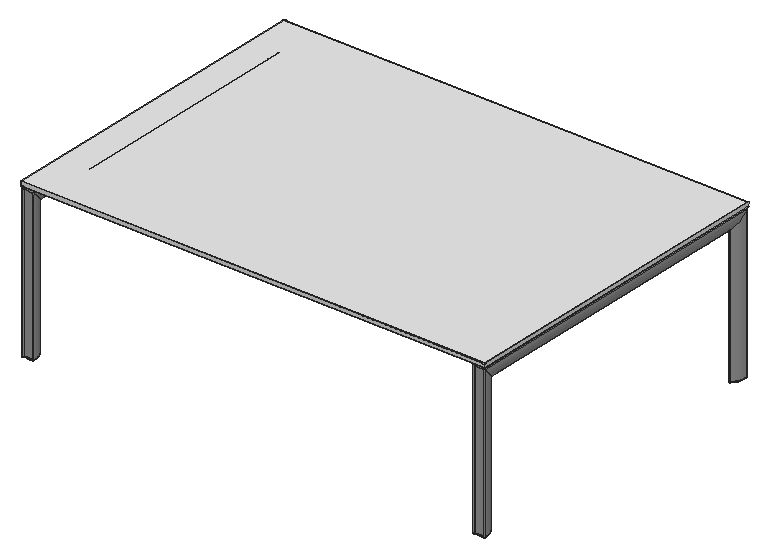
Revit family "OFS_RE_TYPICAL_RE015_6-USERS", category Furniture, Revit 2012
Parameters (values of type "OFS_RE_RE015_6-USERS")
  URL = "http://www.ofs.com/products/benching/re"
  Model = "RE015_6-USERS"
  Manufacturer = "OFS-RE"
  ENVIRONMENTAL = "http://www.ofs.com/about/environment"
Reference planes (in)
  plane 1: z = 0
  plane 2 "Center Left/Right": x = 0
  plane 3 "Center (Front/Back)": y = -0.4235029
Dimensions and locks (in)
  aligned and locked: level to plane 1
Nested families (in)
  nested 1: "OFS_RE_WORKSURFACES_EXECUTIVE_RCTNGLR_LONG-GRAIN" at (0, -0.4235029, 0), type "RE_RE-MCT-8459_5_WORKSURFACE-RCTNGLR"
  nested 2: "OFS_RE_BASES_4-RAILS_42-60_DEPTH" at (0, -0.4235029, 0), type "RE_RE-8460BKD2_BASE_4-RAILS_DESK-HEIGHT"
Definition of nested family "OFS_RE_WORKSURFACES_EXECUTIVE_RCTNGLR_LONG-GRAIN"
  Parameters (values of type "RE_RE-MCT-6030_WORKSURFACE-RCTNGLR")
    URL = "http://www.ofs.com/products/benching/re"
    TWO PIECE = TOP WIDTH > 9' 0"  # no
    TOP WIDTH = 5' - 0"
    TOP DEPTH = 2' - 6"
    TOP CORE = RE SOLID COLOR SURFACE
    ONE PIECE = TOP WIDTH < 9' 0"  # yes
    Manufacturer = "OFS-RE"
    MODEL NUMBER = "RE-MCT-60/30"
    MANUFACTURERS' CODE = "OFS"
    ENVIRONMENTAL = "http://www.ofs.com/about/environment"
    EDGE SHAPE = RE SOLID COLOR EDGE
    Description = "RE RECTANGULAR EXECUTIVE WORKSURFACE 60X30"
    CATALOG CODE = "OFS"
  Types (38): name | TWO PIECE | TOP WIDTH | TOP DEPTH | ONE PIECE | MODEL NUMBER | Description
    (no name) | no | 5' - 0" | 2' - 6" | yes | "RE-MCT-60/30" | "RE RECTANGULAR EXECUTIVE WORKSURFACE 60X30"
    RE_RE-MCT-4230_WORKSURFACE-RCTNGLR | no | 3' - 6" | 2' - 6" | yes | "RE-MCT-42/30" | "RE RECTANGULAR EXECUTIVE WORKSURFACE 42X30"
    RE_RE-MCT-4830_WORKSURFACE-RCTNGLR | no | 4' - 0" | 2' - 6" | yes | "RE-MCT-48/30" | "RE RECTANGULAR EXECUTIVE WORKSURFACE 48X30"
    RE_RE-MCT-5430_WORKSURFACE-RCTNGLR | no | 4' - 6" | 2' - 6" | yes | "RE-MCT-54/30" | "RE RECTANGULAR EXECUTIVE WORKSURFACE 54X30"
    RE_RE-MCT-6030_WORKSURFACE-RCTNGLR | no | 5' - 0" | 2' - 6" | yes | "RE-MCT-60/30" | "RE RECTANGULAR EXECUTIVE WORKSURFACE 60X30"
    RE_RE-MCT-6630_WORKSURFACE-RCTNGLR | no | 5' - 6" | 2' - 6" | yes | "RE-MCT-66/30" | "RE RECTANGULAR EXECUTIVE WORKSURFACE 66X30"
    RE_RE-MCT-7230_WORKSURFACE-RCTNGLR | no | 6' - 0" | 2' - 6" | yes | "RE-MCT-72/30" | "RE RECTANGULAR EXECUTIVE WORKSURFACE 72X30"
    RE_RE-MCT-7830_WORKSURFACE-RCTNGLR | no | 6' - 6" | 2' - 6" | yes | "RE-MCT-78/30" | "RE RECTANGULAR EXECUTIVE WORKSURFACE 78X30"
    RE_RE-MCT-8430_WORKSURFACE-RCTNGLR | no | 7' - 0" | 2' - 6" | yes | "RE-MCT-84/30" | "RE RECTANGULAR EXECUTIVE WORKSURFACE 84X30"
    RE_RE-MCT-9030_WORKSURFACE-RCTNGLR | no | 7' - 6" | 2' - 6" | yes | "RE-MCT-90/30" | "RE RECTANGULAR EXECUTIVE WORKSURFACE 90X30"
    RE_RE-MCT-9630_WORKSURFACE-RCTNGLR | no | 8' - 0" | 2' - 6" | yes | "RE-MCT-96/30" | "RE RECTANGULAR EXECUTIVE WORKSURFACE 96X30"
    RE_RE-MCT-3636_WORKSURFACE-RCTNGLR | no | 3' - 0" | 3' - 0" | yes | "RE-MCT-36/36" | "RE RECTANGULAR EXECUTIVE WORKSURFACE 36X36"
    RE_RE-MCT-6036_WORKSURFACE-RCTNGLR | no | 5' - 0" | 3' - 0" | yes | "RE-MCT-60/36" | "RE RECTANGULAR EXECUTIVE WORKSURFACE 60X36"
    RE_RE-MCT-7236_WORKSURFACE-RCTNGLR | no | 6' - 0" | 3' - 0" | yes | "RE-MCT-72/36" | "RE RECTANGULAR EXECUTIVE WORKSURFACE 72X36"
    RE_RE-MCT-8436_WORKSURFACE-RCTNGLR | no | 7' - 0" | 3' - 0" | yes | "RE-MCT-84/36" | "RE RECTANGULAR EXECUTIVE WORKSURFACE 84X36"
    RE_RE-MCT-9636_WORKSURFACE-RCTNGLR | no | 8' - 0" | 3' - 0" | yes | "RE-MCT-96/36" | "RE RECTANGULAR EXECUTIVE WORKSURFACE 96X36"
    RE_RE-MCT-4242_WORKSURFACE-RCTNGLR | no | 3' - 6" | 3' - 6" | yes | "RE-MCT-42/42" | "RE RECTANGULAR EXECUTIVE WORKSURFACE 42X42"
    RE_RE-MCT-6042_WORKSURFACE-RCTNGLR | no | 5' - 0" | 3' - 6" | yes | "RE-MCT-60/42" | "RE RECTANGULAR EXECUTIVE WORKSURFACE 60X42"
    RE_RE-MCT-7242_WORKSURFACE-RCTNGLR | no | 6' - 0" | 3' - 6" | yes | "RE-MCT-72/42" | "RE RECTANGULAR EXECUTIVE WORKSURFACE 72X42"
    RE_RE-MCT-8442_WORKSURFACE-RCTNGLR | no | 7' - 0" | 3' - 6" | yes | "RE-MCT-84/42" | "RE RECTANGULAR EXECUTIVE WORKSURFACE 84X42"
    RE_RE-MCT-9642_WORKSURFACE-RCTNGLR | no | 8' - 0" | 3' - 6" | yes | "RE-MCT-96/42" | "RE RECTANGULAR EXECUTIVE WORKSURFACE 96X42"
    RE_RE-MCT-4848_WORKSURFACE-RCTNGLR | no | 4' - 0" | 4' - 0" | yes | "RE-MCT-48/48" | "RE RECTANGULAR EXECUTIVE WORKSURFACE 48X48"
    RE_RE-MCT-6048_WORKSURFACE-RCTNGLR | no | 5' - 0" | 4' - 0" | yes | "RE-MCT-60/48" | "RE RECTANGULAR EXECUTIVE WORKSURFACE 60X48"
    RE_RE-MCT-7248_WORKSURFACE-RCTNGLR | no | 6' - 0" | 4' - 0" | yes | "RE-MCT-72/48" | "RE RECTANGULAR EXECUTIVE WORKSURFACE 72X48"
    RE_RE-MCT-8448_WORKSURFACE-RCTNGLR | no | 7' - 0" | 4' - 0" | yes | "RE-MCT-84/48" | "RE RECTANGULAR EXECUTIVE WORKSURFACE 84X48"
    RE_RE-MCT-9648_WORKSURFACE-RCTNGLR | no | 8' - 0" | 4' - 0" | yes | "RE-MCT-96/48" | "RE RECTANGULAR EXECUTIVE WORKSURFACE 96X48"
    RE_RE-MCT-6059_5_WORKSURFACE-RCTNGLR | no | 5' - 0" | 4' - 11 1/2" | yes | "RE-MCT-60/59.5" | "RE RECTANGULAR EXECUTIVE WORKSURFACE 60X59.5"
    RE_RE-MCT-7259_5_WORKSURFACE-RCTNGLR | no | 6' - 0" | 4' - 11 1/2" | yes | "RE-MCT-72/59.5" | "RE RECTANGULAR EXECUTIVE WORKSURFACE 72X59.5"
    RE_RE-MCT-8459_5_WORKSURFACE-RCTNGLR | no | 7' - 0" | 4' - 11 1/2" | yes | "RE-MCT-84/59.5" | "RE RECTANGULAR EXECUTIVE WORKSURFACE 84X59.5"
    RE_RE-MCT-9659_5_WORKSURFACE-RCTNGLR | no | 8' - 0" | 4' - 11 1/2" | yes | "RE-MCT-96/59.5" | "RE RECTANGULAR EXECUTIVE WORKSURFACE 96X59.5"
    RE_RE-MCT-12048_WORKSURFACE-RCTNGLR | yes | 10' - 0" | 4' - 0" | no | "RE-MCT-120/48" | "RE RECTANGULAR EXECUTIVE WORKSURFACE 120X48"
    RE_RE-MCT-14448_WORKSURFACE-RCTNGLR | yes | 12' - 0" | 4' - 0" | no | "RE-MCT-144/48" | "RE RECTANGULAR EXECUTIVE WORKSURFACE 144X48"
    RE_RE-MCT-16848_WORKSURFACE-RCTNGLR | yes | 14' - 0" | 4' - 0" | no | "RE-MCT-168/48" | "RE RECTANGULAR EXECUTIVE WORKSURFACE 168X48"
    RE_RE-MCT-19248_WORKSURFACE-RCTNGLR | yes | 16' - 0" | 4' - 0" | no | "RE-MCT-192/48" | "RE RECTANGULAR EXECUTIVE WORKSURFACE 192X48"
    RE_RE-MCT-12059_5_WORKSURFACE-RCTNGLR | yes | 10' - 0" | 4' - 11 1/2" | no | "RE-MCT-120/59.5" | "RE RECTANGULAR EXECUTIVE WORKSURFACE 120X59.5"
    RE_RE-MCT-14459_5_WORKSURFACE-RCTNGLR | yes | 12' - 0" | 4' - 11 1/2" | no | "RE-MCT-144/59.5" | "RE RECTANGULAR EXECUTIVE WORKSURFACE 144X59.5"
    RE_RE-MCT-16859_5_WORKSURFACE-RCTNGLR | yes | 14' - 0" | 4' - 11 1/2" | no | "RE-MCT-168/59.5" | "RE RECTANGULAR EXECUTIVE WORKSURFACE 168X59.5"
    RE_RE-MCT-19259_5_WORKSURFACE-RCTNGLR | yes | 16' - 0" | 4' - 11 1/2" | no | "RE-MCT-192/59.5" | "RE RECTANGULAR EXECUTIVE WORKSURFACE 192X59.5"
  Reference planes (in)
    plane 1 "Center Front/Back": y = 0
    plane 2: z = 0
    plane 3 "Center Left/Right": x = 0
    plane 4 "LEFT": x = -30
    plane 5 "RIGHT": x = 30
    plane 6 "SURFACE TOP": z = 28.625
    plane 7 "BASE HEIGHT": z = 27.875
    plane 8 "BACK": y = 15
    plane 9 "FRONT": y = -15
  Forms (in)
    Sweep 1, solid, material "RE SOLID COLOR EDGE" <- "EDGE SHAPE", visible <- "ONE PIECE"
      path origin (0, 0, 27.875) x (0, 1, 0) y (-1, 0, 0)
        loop
          line (-15, 30) -> (-15, -30) -> (15, -30) -> (15, 30) -> (-15, 30)
      profile origin (-30, 0, 27.875) x (-1, 0, 0) y (0, 0, 1)
        loop
          line (0, 0.035) -> (0, 0.715)
          arc (0, 0.715) -> (-0.0102513, 0.7397487) -> (-0.035, 0.75) r 0.035
          line (-0.035, 0.75) -> (-0.035, 0)
          arc (-0.035, 0) -> (-0.0102513, 0.0102513) -> (0, 0.035) r 0.035
    Extrusion 2, solid, material "RE SOLID COLOR SURFACE" <- "TOP CORE", visible <- "ONE PIECE"
      sketch origin (0, 0, 27.875) x (0, 1, 0) y (-1, 0, 0)
        loop
          line (14.965, 29.965) -> (-14.965, 29.965) -> (-14.965, -29.965) -> (14.965, -29.965) -> (14.965, 29.965)
      from 0 to 0.75
    Sweep 3, solid, material "RE SOLID COLOR EDGE" <- "EDGE SHAPE", visible <- "TWO PIECE"
      path origin (0, -2, 27.875) x (0, 1, 0) y (-1, 0, 0)
        loop
          line (-13, 0) -> (-13, 30) -> (17, 30) -> (17, 0)
      profile origin (-30, 0, 27.875) x (-1, 0, 0) y (0, 0, 1)
        loop
          line (0, 0.035) -> (0, 0.715)
          arc (0, 0.715) -> (-0.0102513, 0.7397487) -> (-0.035, 0.75) r 0.035
          line (-0.035, 0.75) -> (-0.035, 0)
          arc (-0.035, 0) -> (-0.0102513, 0.0102513) -> (0, 0.035) r 0.035
    Extrusion 4, solid, material "RE SOLID COLOR SURFACE" <- "TOP CORE", visible <- "TWO PIECE"
      sketch origin (0, -2, 27.875) x (0, 1, 0) y (-1, 0, 0)
        loop
          line (16.965, 29.965) -> (-12.965, 29.965) -> (-12.965, 0) -> (16.965, 0) -> (16.965, 29.965)
      from 0 to 0.75
    Sweep 5, solid, material "RE SOLID COLOR EDGE" <- "EDGE SHAPE", visible <- "TWO PIECE"
      path origin (7.9983054, -1.9983153, 27.875) x (0, -1, 0) y (1, 0, 0)
        loop
          line (-16.9983153, -7.9983054) -> (-16.9983153, 22.0016946) -> (13.0016847, 22.0016946) -> (13.0016847, -7.9983054)
      profile origin (30, 0, 27.875) x (1, 0, 0) y (0, 0, 1)
        loop
          line (0, 0.035) -> (0, 0.715)
          arc (0, 0.715) -> (-0.0102513, 0.7397487) -> (-0.035, 0.75) r 0.035
          line (-0.035, 0.75) -> (-0.035, 0)
          arc (-0.035, 0) -> (-0.0102513, 0.0102513) -> (0, 0.035) r 0.035
    Extrusion 6, solid, material "RE SOLID COLOR SURFACE" <- "TOP CORE", visible <- "TWO PIECE"
      sketch origin (7.9983054, -1.9983153, 27.875) x (0, -1, 0) y (1, 0, 0)
        loop
          line (12.9666847, 21.9666946) -> (-16.9633153, 21.9666946) -> (-16.9633153, -7.9983054) -> (12.9666847, -7.9983054) -> (12.9666847, 21.9666946)
      from 0 to 0.75
  Lines and regions (in)
    Masking region 1, visible <- "ONE PIECE"
      outline origin (0, 0, 0) x (1, 0, 0) y (0, 1, 0)
        loop
          line (-30.0016946, 15.0016847) -> (-30.0016946, -14.9983153) -> (29.9983054, -14.9983153) -> (29.9983054, 15.0016847) -> (-30.0016946, 15.0016847)
    Masking region 2, visible <- "TWO PIECE"
      outline origin (0, -2, 0) x (1, 0, 0) y (0, 1, 0)
        loop
          line (-30.0016946, 17) -> (-30.0016946, -13) -> (0, -13) -> (0, 17) -> (-30.0016946, 17)
    Masking region 3, visible <- "TWO PIECE"
      outline origin (7.9983054, -1.9983153, 0) x (-1, 0, 0) y (0, -1, 0)
        loop
          line (-22.0016946, 13.0016847) -> (-22.0016946, -16.9983153) -> (7.9983054, -16.9983153) -> (7.9983054, 13.0016847) -> (-22.0016946, 13.0016847)
  Dimensions and locks (in)
    equal spacing: plane 4 "LEFT", plane 3 "Center Left/Right", plane 5 "RIGHT"
    "TOP WIDTH": plane 4 "LEFT" to plane 5 "RIGHT"
    locked: plane 6 "SURFACE TOP" to plane 7 "BASE HEIGHT" at 0.75
    equal spacing: plane 9 "FRONT", plane 1 "Center Front/Back", plane 8 "BACK"
    "TOP DEPTH": plane 8 "BACK" to plane 9 "FRONT"
    locked: plane 7 "BASE HEIGHT" to plane 2 at 27.875
    aligned and locked: Extrusion 2 to plane 7 "BASE HEIGHT"
    aligned and locked: plane 6 "SURFACE TOP" to Extrusion 2
    aligned and locked: profile plane to Sweep 1 sketch curve
    aligned and locked: Extrusion 2 to Sweep 1  (x4)
    aligned and locked: Extrusion 4 to Sweep 3  (x3)
    aligned: Extrusion 4 to Sweep 3  (x2)
    aligned and locked: plane 3 "Center Left/Right" to Extrusion 4
    aligned and locked: plane 4 "LEFT" to Sweep 3 sketch curve
    aligned and locked: plane 3 "Center Left/Right" to Masking region 2
    aligned and locked: profile plane to Sweep 5 sketch curve
    aligned: Sweep 5 to Extrusion 6  (x3)
    aligned and locked: Extrusion 6 to plane 3 "Center Left/Right"
    aligned and locked: Masking region 3 to plane 3 "Center Left/Right"
    aligned and locked: plane 5 "RIGHT" to Masking region 3
    aligned and locked: Sweep 5 sketch curve to plane 5 "RIGHT"
    aligned and locked: plane 3 "Center Left/Right" to Sweep 5 sketch curve
    aligned and locked: Extrusion 6 to Sweep 5 sketch curve
    aligned and locked: plane 8 "BACK" to Masking region 2 sketch curve
    aligned and locked: plane 9 "FRONT" to Masking region 2 sketch curve
    aligned and locked: Sweep 3 sketch curve to plane 8 "BACK"
    aligned and locked: Sweep 3 sketch curve to plane 9 "FRONT"
    aligned and locked: plane 8 "BACK" to Masking region 3 sketch curve
    aligned and locked: plane 9 "FRONT" to Masking region 3 sketch curve
    aligned and locked: Sweep 5 sketch curve to plane 8 "BACK"
    aligned and locked: Sweep 5 sketch curve to plane 9 "FRONT"
    aligned and locked: plane 6 "SURFACE TOP" to Extrusion 4
    aligned and locked: plane 6 "SURFACE TOP" to Extrusion 6
    aligned and locked: profile plane to Sweep 3 sketch curve
    aligned and locked: Extrusion 6 to Sweep 5  (x3)
  Automatic sketch dimensions
    Sweep 1 sketch curve to plane 4 "LEFT" = 0' - 0"
    plane 9 "FRONT" to Sweep 1 sketch curve = 0' - 0"
    Sweep 1 sketch curve to plane 5 "RIGHT" = 0' - 0"
    Sweep 1 sketch curve to plane 8 "BACK" = 0' - 0"
    Extrusion 2 sketch curve to plane 9 "FRONT" = 0' - 0.035"
    Extrusion 2 sketch curve to plane 8 "BACK" = 0' - 0.035"
    Extrusion 2 sketch curve to plane 5 "RIGHT" = 0' - 0.035"
    plane 4 "LEFT" to Extrusion 2 sketch curve = 0' - 0.035"
    Masking region 1 sketch curve to plane 4 "LEFT" = 0' - 0.00169"
    Masking region 1 sketch curve to plane 5 "RIGHT" = 0' - 0.00169"
    Masking region 1 sketch curve to plane 9 "FRONT" = 0' - 0.00168"
    plane 8 "BACK" to Masking region 1 sketch curve = 0' - 0.00168"
    Sweep 3 sketch curve to plane 3 "Center Left/Right" = 0' - 0"  (x2)
    Extrusion 4 sketch curve to plane 3 "Center Left/Right" = 0' - 0"
    plane 4 "LEFT" to Extrusion 4 sketch curve = 0' - 0.035"
    Extrusion 4 sketch curve to plane 9 "FRONT" = 0' - 0.035"
    Extrusion 4 sketch curve to plane 9 "FRONT" = 2' - 5.965"
    Masking region 2 sketch curve to plane 3 "Center Left/Right" = 0' - 0"
    Masking region 2 sketch curve to plane 4 "LEFT" = 0' - 0.00169"
    Extrusion 6 sketch curve to plane 5 "RIGHT" = 0' - 0.035"
    Extrusion 6 sketch curve to plane 9 "FRONT" = 2' - 5.965"
    plane 3 "Center Left/Right" to Extrusion 6 sketch curve = 0' - 0"
    Extrusion 6 sketch curve to Extrusion 6 sketch curve = 2' - 5.93"
    plane 5 "RIGHT" to Masking region 3 sketch curve = 0' - 0"
    plane 3 "Center Left/Right" to Masking region 3 sketch curve = 0' - 0"
    Sweep 3 sketch curve to plane 7 "BASE HEIGHT" = 0' - 0"
    profile plane to Sweep 3 sketch curve = 0' - 0.035"
    Sweep 3 sketch curve to Sweep 3 sketch curve = 0' - 0.68"
    Sweep 5 sketch curve to plane 7 "BASE HEIGHT" = 0' - 0"
    profile plane to Sweep 5 sketch curve = 0' - 0.035"
    Sweep 5 sketch curve to Sweep 5 sketch curve = 0' - 0.68"
    Sweep 1 sketch curve to plane 7 "BASE HEIGHT" = 0' - 0"
    profile plane to Sweep 1 sketch curve = 0' - 0.035"
    Sweep 1 sketch curve to Sweep 1 sketch curve = 0' - 0.68"
Definition of nested family "OFS_RE_BASES_4-RAILS_42-60_DEPTH"
  Parameters (values of type "RE_RE-7248BKD2_BASE_4-RAILS_DESK-HEIGHT")
    URL = "http://www.ofs.com/products/benching/re"
    TIE ROD = BASE HEIGHT > 2' 6"  # no
    BASE WIDTH = 5' - 11 3/4"
    Manufacturer = "OFS-RE"
    MODEL NUMBER = "RE-7248BKD2"
    MANUFACTURERS' CODE = "OFS"
    ENVIRONMENTAL = "http://www.ofs.com/about/environment"
    Description = "RE 4-RAIL BASE DESK HEIGHT 72X48"
    CATALOG CODE = "OFS"
    BASE PAINT = RE BASE PAINT
    BASE HEIGHT = 2' - 3 7/8"
    BASE DEPTH = 3' - 11.545"
    RAIL SPACE = 0' - 10.3"
  Types (21): name | TIE ROD | BASE WIDTH | MODEL NUMBER | Description | BASE HEIGHT | BASE DEPTH | RAIL SPACE
    (no name) | no | 5' - 11 3/4" | "RE-7248BKD2" | "RE 4-RAIL BASE DESK HEIGHT 72X48" | 2' - 3 7/8" | 3' - 11.545" | 0' - 10.3"
    RE_RE-7242BKD2_BASE_4-RAILS_DESK-HEIGHT | no | 5' - 11 3/4" | "RE-7242BKD2" | "RE 4-RAIL BASE DESK HEIGHT 72X42" | 2' - 3 7/8" | 3' - 5.545" | 0' - 7.3"
    RE_RE-8442BKD2_BASE_4-RAILS_DESK-HEIGHT | no | 6' - 11 3/4" | "RE-8442BKD2" | "RE 4-RAIL BASE DESK HEIGHT 84X42" | 2' - 3 7/8" | 3' - 5.545" | 0' - 7.3"
    RE_RE-9642BKD2_BASE_4-RAILS_DESK-HEIGHT | no | 7' - 11 3/4" | "RE-9642BKD2" | "RE 4-RAIL BASE DESK HEIGHT 96X42" | 2' - 3 7/8" | 3' - 5.545" | 0' - 7.3"
    RE_RE-7248BKD2_BASE_4-RAILS_DESK-HEIGHT | no | 5' - 11 3/4" | "RE-7248BKD2" | "RE 4-RAIL BASE DESK HEIGHT 72X48" | 2' - 3 7/8" | 3' - 11.545" | 0' - 10.3"
    RE_RE-8448BKD2_BASE_4-RAILS_DESK-HEIGHT | no | 6' - 11 3/4" | "RE-8448BKD2" | "RE 4-RAIL BASE DESK HEIGHT 84X48" | 2' - 3 7/8" | 3' - 11.545" | 0' - 10.3"
    RE_RE-9648BKD2_BASE_4-RAILS_DESK-HEIGHT | no | 7' - 11 3/4" | "RE-9648BKD2" | "RE 4-RAIL BASE DESK HEIGHT 96X48" | 2' - 3 7/8" | 3' - 11.545" | 0' - 10.3"
    RE_RE-6060BKD2_BASE_4-RAILS_DESK-HEIGHT | no | 4' - 11 3/4" | "RE-6060BKD2" | "RE 4-RAIL BASE DESK HEIGHT 60X60" | 2' - 3 7/8" | 4' - 11.045" | 1' - 4"
    RE_RE-7260BKD2_BASE_4-RAILS_DESK-HEIGHT | no | 5' - 11 3/4" | "RE-7260BKD2" | "RE 4-RAIL BASE DESK HEIGHT 72X60" | 2' - 3 7/8" | 4' - 11.045" | 1' - 4"
    RE_RE-8460BKD2_BASE_4-RAILS_DESK-HEIGHT | no | 6' - 11 3/4" | "RE-8460BKD2" | "RE 4-RAIL BASE DESK HEIGHT 84X60" | 2' - 3 7/8" | 4' - 11.045" | 1' - 4"
    RE_RE-9660BKD2_BASE_4-RAILS_DESK-HEIGHT | no | 7' - 11 3/4" | "RE-9660BKD2" | "RE 4-RAIL BASE DESK HEIGHT 96X60" | 2' - 3 7/8" | 4' - 11.045" | 1' - 4"
    RE_RE-7242BKS2_BASE_4-RAILS_STANDING-HEIGHT | yes | 5' - 11 3/4" | "RE-7242BKS2" | "RE 4-RAIL BASE STANDING HEIGHT 72X42" | 3' - 4 7/8" | 3' - 5.545" | 0' - 9.8"
    RE_RE-8442BKS2_BASE_4-RAILS_STANDING-HEIGHT | yes | 6' - 11 3/4" | "RE-8442BKS2" | "RE 4-RAIL BASE STANDING HEIGHT 84X42" | 3' - 4 7/8" | 3' - 5.545" | 0' - 9.8"
    RE_RE-9642BKS2_BASE_4-RAILS_STANDING-HEIGHT | yes | 7' - 11 3/4" | "RE-9642BKS2" | "RE 4-RAIL BASE STANDING HEIGHT 96X42" | 3' - 4 7/8" | 3' - 5.545" | 0' - 9.8"
    RE_RE-7248BKS2_BASE_4-RAILS_STANDING-HEIGHT | yes | 5' - 11 3/4" | "RE-7248BKS2" | "RE 4-RAIL BASE STANDING HEIGHT 72X48" | 3' - 4 7/8" | 3' - 11.545" | 0' - 10.3"
    RE_RE-8448BKS2_BASE_4-RAILS_STANDING-HEIGHT | yes | 6' - 11 3/4" | "RE-8448BKS2" | "RE 4-RAIL BASE STANDING HEIGHT 84X48" | 3' - 4 7/8" | 3' - 11.545" | 0' - 10.3"
    RE_RE-9648BKS2_BASE_4-RAILS_STANDING-HEIGHT | yes | 7' - 11 3/4" | "RE-9648BKS2" | "RE 4-RAIL BASE STANDING HEIGHT 96X48" | 3' - 4 7/8" | 3' - 11.545" | 0' - 10.3"
    RE_RE-6060BKS2_BASE_4-RAILS_STANDING-HEIGHT | yes | 4' - 11 3/4" | "RE-6060BKS2" | "RE 4-RAIL BASE STANDING HEIGHT 60X60" | 3' - 4 7/8" | 4' - 11.045" | 1' - 4"
    RE_RE-7260BKS2_BASE_4-RAILS_STANDING-HEIGHT | yes | 5' - 11 3/4" | "RE-7260BKS2" | "RE 4-RAIL BASE STANDING HEIGHT 72X60" | 3' - 4 7/8" | 4' - 11.045" | 1' - 4"
    RE_RE-8460BKS2_BASE_4-RAILS_STANDING-HEIGHT | yes | 6' - 11 3/4" | "RE-8460BKS2" | "RE 4-RAIL BASE STANDING HEIGHT 84X60" | 3' - 4 7/8" | 4' - 11.045" | 1' - 4"
    RE_RE-9660BKS2_BASE_4-RAILS_STANDING-HEIGHT | yes | 7' - 11 3/4" | "RE-9660BKS2" | "RE 4-RAIL BASE STANDING HEIGHT 96X60" | 3' - 4 7/8" | 4' - 11.045" | 1' - 4"
  Reference planes (in)
    plane 1 "Center Front/Back": y = 0
    plane 2: z = 0
    plane 3 "Center Left/Right": x = 0
    plane 4 "LEFT": x = -35.875
    plane 5 "RIGHT": x = 35.875
    plane 6 "BASE HEIGHT": z = 27.875
    plane 7: y = 17.5725
    plane 8: y = 23.7725
    plane 9: y = -23.7725
    plane 10: y = -17.5725
    plane 11: x = -33.2292023
    plane 12: x = 33.2292023
    plane 13: y = -7.2725
    plane 14: y = 7.2725
  Forms (in)
    Extrusion 1, solid, material "RE BASE PAINT" <- "BASE PAINT"
      sketch origin (0, 11.5725, 0) x (0, 1, 0) y (0, 0, 1)
        loop
          line (4.9370093, 26.4970465) -> (5.4094488, 26.4970465) -> (5.4094488, 26.5757875) -> (4.9370078, 26.5757875) -> (4.8976378, 26.6151576) -> (4.8976378, 27.7568893) -> (4.9370078, 27.7962594) -> (7.0629922, 27.7962594) -> (7.1023622, 27.7568893) -> (7.1023622, 26.6151581) -> (7.0629917, 26.5757875) -> (6.5905512, 26.5757875) -> (6.5905512, 26.4970465) -> (7.0629922, 26.4970465)
          arc (7.0629922, 26.4970465) -> (7.1465087, 26.5316401) -> (7.1811023, 26.6151567) r 0.1181102
          line (7.1811023, 26.6151567) -> (7.1811023, 27.7568893)
          arc (7.1811023, 27.7568893) -> (7.1465085, 27.8404062) -> (7.0629917, 27.875) r 0.1181107
          line (7.0629917, 27.875) -> (4.9370043, 27.875)
          arc (4.9370043, 27.875) -> (4.8534903, 27.8404074) -> (4.8188977, 27.7568934) r 0.1181066
          line (4.8188977, 27.7568934) -> (4.8188977, 26.6151581)
          arc (4.8188977, 26.6151581) -> (4.8534918, 26.5316406) -> (4.9370093, 26.4970465) r 0.1181116
      from -33.2292023 to 33.2292023
    Extrusion 2, solid, material "RE BASE PAINT" <- "BASE PAINT"
      sketch origin (0, -11.5725, 0) x (0, -1, 0) y (0, 0, -1)
        loop
          arc (4.9370093, -26.4970465) -> (4.8534918, -26.5316406) -> (4.8188977, -26.6151581) r 0.1181116
          line (4.8188977, -26.6151581) -> (4.8188977, -27.7568934)
          arc (4.8188977, -27.7568934) -> (4.8534903, -27.8404074) -> (4.9370043, -27.875) r 0.1181066
          line (4.9370043, -27.875) -> (7.0629917, -27.875)
          arc (7.0629917, -27.875) -> (7.1465085, -27.8404062) -> (7.1811023, -27.7568893) r 0.1181107
          line (7.1811023, -27.7568893) -> (7.1811023, -26.6151567)
          arc (7.1811023, -26.6151567) -> (7.1465087, -26.5316401) -> (7.0629922, -26.4970465) r 0.1181102
          line (7.0629922, -26.4970465) -> (6.5905512, -26.4970465) -> (6.5905512, -26.5757875) -> (7.0629917, -26.5757875) -> (7.1023622, -26.6151581) -> (7.1023622, -27.7568893) -> (7.0629922, -27.7962594) -> (4.9370078, -27.7962594) -> (4.8976378, -27.7568893) -> (4.8976378, -26.6151576) -> (4.9370078, -26.5757875) -> (5.4094488, -26.5757875) -> (5.4094488, -26.4970465) -> (4.9370093, -26.4970465)
      from -33.2292023 to 33.2292023
    Extrusion 3, solid, material "RE BASE PAINT" <- "BASE PAINT"
      sketch origin (0, -4.2725, 0) x (0, -1, 0) y (0, 0, -1)
        loop
          arc (1.9370093, -26.4970465) -> (1.8534918, -26.5316406) -> (1.8188977, -26.6151581) r 0.1181116
          line (1.8188977, -26.6151581) -> (1.8188977, -27.7568934)
          arc (1.8188977, -27.7568934) -> (1.8534903, -27.8404074) -> (1.9370043, -27.875) r 0.1181066
          line (1.9370043, -27.875) -> (4.0629917, -27.875)
          arc (4.0629917, -27.875) -> (4.1465085, -27.8404062) -> (4.1811023, -27.7568893) r 0.1181107
          line (4.1811023, -27.7568893) -> (4.1811023, -26.6151567)
          arc (4.1811023, -26.6151567) -> (4.1465087, -26.5316401) -> (4.0629922, -26.4970465) r 0.1181102
          line (4.0629922, -26.4970465) -> (3.5905512, -26.4970465) -> (3.5905512, -26.5757875) -> (4.0629917, -26.5757875) -> (4.1023622, -26.6151581) -> (4.1023622, -27.7568893) -> (4.0629922, -27.7962594) -> (1.9370078, -27.7962594) -> (1.8976378, -27.7568893) -> (1.8976378, -26.6151576) -> (1.9370078, -26.5757875) -> (2.4094488, -26.5757875) -> (2.4094488, -26.4970465) -> (1.9370093, -26.4970465)
      from -33.2292023 to 33.2292023
    Extrusion 4, solid, material "RE BASE PAINT" <- "BASE PAINT"
      sketch origin (0, 4.2725, 0) x (0, 1, 0) y (0, 0, 1)
        loop
          line (1.9370093, 26.4970465) -> (2.4094488, 26.4970465) -> (2.4094488, 26.5757875) -> (1.9370078, 26.5757875) -> (1.8976378, 26.6151576) -> (1.8976378, 27.7568893) -> (1.9370078, 27.7962594) -> (4.0629922, 27.7962594) -> (4.1023622, 27.7568893) -> (4.1023622, 26.6151581) -> (4.0629917, 26.5757875) -> (3.5905512, 26.5757875) -> (3.5905512, 26.4970465) -> (4.0629922, 26.4970465)
          arc (4.0629922, 26.4970465) -> (4.1465087, 26.5316401) -> (4.1811023, 26.6151567) r 0.1181102
          line (4.1811023, 26.6151567) -> (4.1811023, 27.7568893)
          arc (4.1811023, 27.7568893) -> (4.1465085, 27.8404062) -> (4.0629917, 27.875) r 0.1181107
          line (4.0629917, 27.875) -> (1.9370043, 27.875)
          arc (1.9370043, 27.875) -> (1.8534903, 27.8404074) -> (1.8188977, 27.7568934) r 0.1181066
          line (1.8188977, 27.7568934) -> (1.8188977, 26.6151581)
          arc (1.8188977, 26.6151581) -> (1.8534918, 26.5316406) -> (1.9370093, 26.4970465) r 0.1181116
      from -33.2292023 to 33.2292023
  Lines and regions (in)
    Masking region 1
      outline origin (0, 0, 0) x (1, 0, 0) y (0, 1, 0)
        loop
          line (-33.2292023, 18.7536023) -> (-33.2292023, 16.3913977) -> (33.2292023, 16.3913977) -> (33.2292023, 18.7536023) -> (-33.2292023, 18.7536023)
    Masking region 2
      outline origin (0, 0, 0) x (0, -1, 0) y (1, 0, 0)
        loop
          line (18.7536023, -33.2292023) -> (18.7536023, 33.2292023) -> (16.3913977, 33.2292023) -> (16.3913977, -33.2292023) -> (18.7536023, -33.2292023)
    Masking region 3
      outline origin (0, 0, 0) x (1, 0, 0) y (0, 1, 0)
        loop
          line (-33.2292023, -16.3915621) -> (-35.3869974, -16.3915621) -> (-35.3869974, -18.7536004) -> (-33.2292023, -18.7536004) -> (-33.2292023, -16.3915621)
    Masking region 4
      outline origin (0, 17, 0) x (1, 0, 0) y (0, 1, 0)
        loop
          line (-33.2292023, 1.7534379) -> (-35.3869974, 1.7534379) -> (-35.3869974, -0.6086004) -> (-33.2292023, -0.6086004) -> (-33.2292023, 1.7534379)
    Masking region 5
      outline origin (0, 0, 0) x (0, 1, 0) y (-1, 0, 0)
        loop
          line (-16.3915621, -33.2292023) -> (-18.7536004, -33.2292023) -> (-18.7536004, -35.3869974) -> (-16.3915621, -35.3869974) -> (-16.3915621, -33.2292023)
    Masking region 6
      outline origin (0, 17, 0) x (0, 1, 0) y (-1, 0, 0)
        loop
          line (1.7534379, -33.2292023) -> (-0.6086004, -33.2292023) -> (-0.6086004, -35.3869974) -> (1.7534379, -35.3869974) -> (1.7534379, -33.2292023)
    Masking region 7
      outline origin (0, 0, 0) x (0, 1, 0) y (-1, 0, 0)
        loop
          arc (-23.7722572, -35.5691459) -> (-23.7857451, -35.6199302) -> (-23.8200159, -35.659761) r 0.1175246
          arc (-23.8200159, -35.659761) -> (-23.8630774, -35.791492) -> (-23.752471, -35.875) r 0.1192583
          line (-23.752471, -35.875) -> (23.752471, -35.875)
          arc (23.752471, -35.875) -> (23.8630774, -35.791492) -> (23.8200159, -35.659761) r 0.1192583
          arc (23.8200159, -35.659761) -> (23.7857451, -35.6199302) -> (23.7722572, -35.5691459) r 0.1175246
          line (23.7722572, -35.5691459) -> (23.7722572, -34.019438)
          arc (23.7722572, -34.019438) -> (23.7857451, -33.9686536) -> (23.8200159, -33.9288229) r 0.1175246
          arc (23.8200159, -33.9288229) -> (23.8630774, -33.7970919) -> (23.752471, -33.7135839) r 0.1192583
          line (23.752471, -33.7135839) -> (18.7534379, -33.7135839) -> (18.7534379, -35.3869974) -> (16.3915621, -35.3869974) -> (16.3915621, -33.7135839) -> (8.4536004, -33.7135839) -> (8.4536004, -35.3869974) -> (6.0915621, -35.3869974) -> (6.0915621, -33.7135839) -> (-6.0915621, -33.7135839) -> (-6.0915621, -35.3869974) -> (-8.4536004, -35.3869974) -> (-8.4536004, -33.7135839) -> (-16.3915621, -33.7135839) -> (-16.3915621, -35.3869974) -> (-18.7534379, -35.3869974) -> (-18.7534379, -33.7135839) -> (-23.752471, -33.7135839)
          arc (-23.752471, -33.7135839) -> (-23.8630774, -33.7970919) -> (-23.8200159, -33.9288229) r 0.1192583
          arc (-23.8200159, -33.9288229) -> (-23.7857451, -33.9686536) -> (-23.7722572, -34.019438) r 0.1175246
          line (-23.7722572, -34.019438) -> (-23.7722572, -35.5691459)
    Masking region 8
      outline origin (0, 7.3, 0) x (0, -1, 0) y (1, 0, 0)
        loop
          line (15.7536023, -33.2292023) -> (15.7536023, 33.2292023) -> (13.3913977, 33.2292023) -> (13.3913977, -33.2292023) -> (15.7536023, -33.2292023)
    Masking region 9
      outline origin (0, 7.3, 0) x (1, 0, 0) y (0, 1, 0)
        loop
          line (-33.2292023, -13.3915621) -> (-35.3869974, -13.3915621) -> (-35.3869974, -15.7536004) -> (-33.2292023, -15.7536004) -> (-33.2292023, -13.3915621)
    Masking region 10
      outline origin (0, 7.3, 0) x (0, 1, 0) y (-1, 0, 0)
        loop
          line (-13.3915621, -33.2292023) -> (-15.7536004, -33.2292023) -> (-15.7536004, -35.3869974) -> (-13.3915621, -35.3869974) -> (-13.3915621, -33.2292023)
    Masking region 11
      outline origin (0, -7.3, 0) x (1, 0, 0) y (0, 1, 0)
        loop
          line (-33.2292023, 15.7536023) -> (-33.2292023, 13.3913977) -> (33.2292023, 13.3913977) -> (33.2292023, 15.7536023) -> (-33.2292023, 15.7536023)
    Masking region 12
      outline origin (0, -7.3, 0) x (0, -1, 0) y (1, 0, 0)
        loop
          line (-13.3915621, -33.2292023) -> (-15.7536004, -33.2292023) -> (-15.7536004, -35.3869974) -> (-13.3915621, -35.3869974) -> (-13.3915621, -33.2292023)
    Masking region 13
      outline origin (0, -7.3, 0) x (-1, 0, 0) y (0, -1, 0)
        loop
          line (-33.2292023, -13.3915621) -> (-35.3869974, -13.3915621) -> (-35.3869974, -15.7536004) -> (-33.2292023, -15.7536004) -> (-33.2292023, -13.3915621)
    Masking region 14
      outline origin (0, 0, 0) x (1, 0, 0) y (0, 1, 0)
        loop
          arc (-33.7135839, -23.752471) -> (-33.7970919, -23.8630774) -> (-33.9288229, -23.8200159) r 0.1192583
          arc (-33.9288229, -23.8200159) -> (-33.9686536, -23.7857451) -> (-34.019438, -23.7722572) r 0.1175246
          line (-34.019438, -23.7722572) -> (-35.5691459, -23.7722572)
          arc (-35.5691459, -23.7722572) -> (-35.6199302, -23.7857451) -> (-35.659761, -23.8200159) r 0.1175246
          arc (-35.659761, -23.8200159) -> (-35.791492, -23.8630774) -> (-35.875, -23.752471) r 0.1192583
          line (-35.875, -23.752471) -> (-35.875, 23.752471)
          arc (-35.875, 23.752471) -> (-35.791492, 23.8630774) -> (-35.659761, 23.8200159) r 0.1192583
          arc (-35.659761, 23.8200159) -> (-35.6199302, 23.7857451) -> (-35.5691459, 23.7722572) r 0.1175246
          line (-35.5691459, 23.7722572) -> (-34.019438, 23.7722572)
          arc (-34.019438, 23.7722572) -> (-33.9686536, 23.7857451) -> (-33.9288229, 23.8200159) r 0.1175246
          arc (-33.9288229, 23.8200159) -> (-33.7970919, 23.8630774) -> (-33.7135839, 23.752471) r 0.1192583
          line (-33.7135839, 23.752471) -> (-33.7135839, 18.7534379) -> (-35.3869974, 18.7534379) -> (-35.3869974, 16.3915621) -> (-33.7135839, 16.3915621) -> (-33.7135839, 8.4536004) -> (-35.3869974, 8.4536004) -> (-35.3869974, 6.0915621) -> (-33.7135839, 6.0915621) -> (-33.7135839, -6.0915621) -> (-35.3869974, -6.0915621) -> (-35.3869974, -8.4536004) -> (-33.7135839, -8.4536004) -> (-33.7135839, -16.3915621) -> (-35.3869974, -16.3915621) -> (-35.3869974, -18.7534379) -> (-33.7135839, -18.7534379) -> (-33.7135839, -23.7469743)
  Dimensions and locks (in)
    equal spacing: plane 4 "LEFT", plane 3 "Center Left/Right", plane 5 "RIGHT"
    "BASE HEIGHT": plane 6 "BASE HEIGHT" to plane 2
    "BASE WIDTH": plane 4 "LEFT" to plane 5 "RIGHT"
    "BASE DEPTH": plane 9 to plane 8
    equal spacing: plane 9, plane 1 "Center Front/Back", plane 8
    plane 7 to plane 8 = 0' - 6.2"
    Extrusion 1 sketch curve to plane 7 to Extrusion 1 sketch curve = 0' - 1.1811" locked, 0' - 1.1811" locked
    Extrusion 1 sketch curve to plane 7 to Extrusion 1 sketch curve = 0' - 0.59055" locked, 0' - 0.59055" locked
    locked: Extrusion 1 sketch curve to Extrusion 1 sketch curve at 1.3779535
    Extrusion 2 sketch curve to plane 10 to Extrusion 2 sketch curve = 0' - 1.1811" locked, 0' - 1.1811" locked
    Extrusion 2 sketch curve to plane 10 to Extrusion 2 sketch curve = 0' - 0.59055" locked, 0' - 0.59055" locked
    locked: Extrusion 2 sketch curve to Extrusion 2 sketch curve at 1.3779535
    locked: plane 10 to plane 9 at 6.2
    locked: plane 4 "LEFT" to plane 11 at 2.6457977
    locked: plane 12 to plane 5 "RIGHT" at 2.6457977
    Extrusion 3 sketch curve to plane 13 to Extrusion 3 sketch curve = 0' - 1.1811" locked, 0' - 1.1811" locked
    Extrusion 3 sketch curve to plane 13 to Extrusion 3 sketch curve = 0' - 0.59055" locked, 0' - 0.59055" locked
    locked: Extrusion 3 sketch curve to Extrusion 3 sketch curve at 1.3779535
    "RAIL SPACE": plane 13 to plane 10
    Extrusion 4 sketch curve to plane 14 to Extrusion 4 sketch curve = 0' - 1.1811" locked, 0' - 1.1811" locked
    Extrusion 4 sketch curve to plane 14 to Extrusion 4 sketch curve = 0' - 0.59055" locked, 0' - 0.59055" locked
    locked: Extrusion 4 sketch curve to Extrusion 4 sketch curve at 1.3779535
    "RAIL SPACE": plane 14 to plane 7
    aligned and locked: plane 6 "BASE HEIGHT" to nested 1
    aligned and locked: plane 10 to nested 1
    aligned and locked: plane 11 to nested 1
    aligned and locked: Extrusion 2 to plane 11
    aligned and locked: Masking region 2 to plane 11
    aligned and locked: nested 2 to plane 7
    aligned and locked: Extrusion 1 to plane 11
    aligned and locked: Masking region 1 to plane 11
    aligned and locked: plane 6 "BASE HEIGHT" to nested 2
    aligned and locked: plane 7 to nested 4
    aligned and locked: nested 3 to plane 10
    aligned and locked: nested 3 to plane 6 "BASE HEIGHT"
    aligned and locked: nested 4 to plane 6 "BASE HEIGHT"
    aligned and locked: Extrusion 2 to plane 12
    aligned and locked: Masking region 2 to plane 12
    aligned and locked: Extrusion 1 to plane 12
    aligned and locked: Masking region 1 to plane 12
    aligned and locked: Masking region 6 to nested 4  (x2)
    aligned and locked: nested 2 to Masking region 4
    aligned and locked: Masking region 4 to nested 2
    aligned and locked: Masking region 7 sketch curve to Masking region 7 sketch curve
    aligned and locked: plane 13 to nested 5
    aligned and locked: nested 6 to plane 13
    aligned and locked: nested 7 to plane 14
    aligned and locked: plane 14 to nested 8
    aligned and locked: plane 6 "BASE HEIGHT" to nested 5
    aligned and locked: nested 7 to plane 6 "BASE HEIGHT"
    aligned and locked: nested 6 to plane 6 "BASE HEIGHT"
    aligned and locked: plane 6 "BASE HEIGHT" to nested 8
    aligned and locked: Extrusion 4 to plane 11
    aligned and locked: Extrusion 3 to plane 11
    aligned and locked: Extrusion 4 to plane 12
    aligned and locked: Extrusion 3 to plane 12
    aligned and locked: plane 1 "Center Front/Back" to nested 9
    aligned and locked: plane 4 "LEFT" to nested 9
    aligned and locked: plane 5 "RIGHT" to nested 10
    aligned and locked: nested 10 to nested 3
    aligned and locked: nested 10 to nested 6
    aligned and locked: nested 8 to nested 10
    aligned and locked: nested 10 to nested 4
    aligned and locked: nested 9 to nested 5
    aligned and locked: nested 7 to nested 9
    aligned and locked: nested 9 to nested 2
    aligned and locked: Masking region 7 sketch curve to Masking region 10
    aligned and locked: Masking region 7 sketch curve to nested 6  (x2)
    aligned and locked: Masking region 7 sketch curve to Masking region 13
    aligned and locked: nested 8 to Masking region 7 sketch curve
    aligned and locked: Masking region 7 sketch curve to nested 8
    aligned and locked: Masking region 14 sketch curve to Masking region 14 sketch curve
  Automatic sketch dimensions
    plane 6 "BASE HEIGHT" to Extrusion 1 sketch curve = 0' - 0"
    Extrusion 1 sketch curve to plane 6 "BASE HEIGHT" = 0' - 0.11811"
    Extrusion 1 sketch curve to Extrusion 1 sketch curve = 0' - 0.07874"  (x3)
    Extrusion 1 sketch curve to Extrusion 1 sketch curve = 0' - 0.03937"  (x4)
    Extrusion 1 sketch curve to Extrusion 1 sketch curve = 0' - 0"  (x7)
    Extrusion 1 sketch curve to Extrusion 1 sketch curve = 0' - 0.11811"  (x2)
    Extrusion 1 sketch curve to Extrusion 1 sketch curve = 0' - 1.25984"
    Extrusion 2 sketch curve to plane 6 "BASE HEIGHT" = 0' - 0"
    Extrusion 2 sketch curve to plane 6 "BASE HEIGHT" = 0' - 0.11811"
    Extrusion 2 sketch curve to Extrusion 2 sketch curve = 0' - 0.07874"
    Extrusion 2 sketch curve to Extrusion 2 sketch curve = 0' - 0.03937"  (x6)
    Extrusion 2 sketch curve to Extrusion 2 sketch curve = 0' - 0"  (x7)
    Extrusion 2 sketch curve to Extrusion 2 sketch curve = 0' - 0.11811"  (x2)
    Extrusion 2 sketch curve to Extrusion 2 sketch curve = 0' - 1.14173"
    Masking region 1 sketch curve to plane 11 = 0' - 0"
    Masking region 1 sketch curve to plane 12 = 0' - 0"
    plane 7 to Masking region 1 sketch curve = 0' - 1.1811"
    Masking region 1 sketch curve to plane 7 = 0' - 1.1811"
    Masking region 2 sketch curve to plane 11 = 0' - 0"
    Masking region 2 sketch curve to plane 12 = 0' - 0"
    plane 10 to Masking region 2 sketch curve = 0' - 1.1811"
    Masking region 2 sketch curve to plane 10 = 0' - 1.1811"
    Masking region 3 sketch curve to plane 11 = 0' - 0"
    plane 4 "LEFT" to Masking region 3 sketch curve = 0' - 0.488"
    Masking region 3 sketch curve to plane 10 = 0' - 1.1811"
    plane 10 to Masking region 3 sketch curve = 0' - 1.18094"
    Masking region 4 sketch curve to plane 11 = 0' - 0"
    plane 4 "LEFT" to Masking region 4 sketch curve = 0' - 0.488"
    plane 7 to Masking region 4 sketch curve = 0' - 1.1811"
    Masking region 4 sketch curve to plane 7 = 0' - 1.18094"
    Masking region 5 sketch curve to plane 12 = 0' - 0"
    Masking region 5 sketch curve to plane 10 = 0' - 1.1811"
    Masking region 5 sketch curve to plane 5 "RIGHT" = 0' - 0.488"
    plane 10 to Masking region 5 sketch curve = 0' - 1.18094"
    Masking region 6 sketch curve to plane 12 = 0' - 0"
    plane 7 to Masking region 6 sketch curve = 0' - 1.1811"
    Masking region 6 sketch curve to plane 5 "RIGHT" = 0' - 0.488"
    Masking region 6 sketch curve to plane 7 = 0' - 1.18094"
    Masking region 7 sketch curve to plane 5 "RIGHT" = 0' - 0"
    Masking region 7 sketch curve to plane 12 = 0' - 0 31/64"  (x3)
    plane 10 to Masking region 7 sketch curve = 0' - 1.18094"
    Masking region 7 sketch curve to plane 5 "RIGHT" = 0' - 0.488"  (x2)
    Masking region 7 sketch curve to plane 10 = 0' - 1.18094"
    plane 9 to Masking region 7 sketch curve = 0' - 0.02321"  (x2)
    plane 9 to Masking region 7 sketch curve = 0' - 0.02003"  (x2)
    plane 9 to Masking region 7 sketch curve = 0' - 0.00024"
    Masking region 7 sketch curve to plane 9 = 0' - 0.04752"  (x2)
    Masking region 7 sketch curve to Masking region 7 sketch curve = 0' - 0"  (x4)
    Masking region 7 sketch curve to plane 9 = 0' - 0.11721"  (x2)
    plane 7 to Masking region 7 sketch curve = 0' - 1.18094"
    Masking region 7 sketch curve to plane 7 = 0' - 1.18094"
    plane 8 to Masking region 7 sketch curve = 0' - 0.02321"  (x2)
    plane 8 to Masking region 7 sketch curve = 0' - 0.02003"  (x2)
    plane 8 to Masking region 7 sketch curve = 0' - 0.00024"
    Masking region 7 sketch curve to plane 8 = 0' - 0.04752"  (x2)
    Masking region 7 sketch curve to plane 8 = 0' - 0.11721"  (x2)
    Masking region 7 sketch curve to Masking region 7 sketch curve = 0' - 0.11922"  (x2)
    Masking region 7 sketch curve to plane 12 = 0' - 0.79425"
    Masking region 7 sketch curve to Masking region 7 sketch curve = 0' - 0.30987"
    Masking region 7 sketch curve to Masking region 7 sketch curve = 0' - 0.00401"
    Extrusion 3 sketch curve to plane 6 "BASE HEIGHT" = 0' - 0"
    Extrusion 3 sketch curve to plane 6 "BASE HEIGHT" = 0' - 0.11811"
    Extrusion 3 sketch curve to Extrusion 3 sketch curve = 0' - 0.07874"
    Extrusion 3 sketch curve to Extrusion 3 sketch curve = 0' - 0.03937"  (x6)
    Extrusion 3 sketch curve to Extrusion 3 sketch curve = 0' - 0"  (x7)
    Extrusion 3 sketch curve to Extrusion 3 sketch curve = 0' - 0.11811"  (x2)
    Extrusion 3 sketch curve to Extrusion 3 sketch curve = 0' - 1.14173"
    Masking region 8 sketch curve to plane 11 = 0' - 0"
    Masking region 8 sketch curve to plane 12 = 0' - 0"
    plane 13 to Masking region 8 sketch curve = 0' - 1.1811"
    Masking region 8 sketch curve to plane 13 = 0' - 1.1811"
    Masking region 9 sketch curve to plane 11 = 0' - 0"
    plane 4 "LEFT" to Masking region 9 sketch curve = 0' - 0.488"
    Masking region 9 sketch curve to plane 13 = 0' - 1.1811"
    plane 13 to Masking region 9 sketch curve = 0' - 1.18094"
    Masking region 10 sketch curve to plane 12 = 0' - 0"
    Masking region 10 sketch curve to plane 13 = 0' - 1.1811"
    Masking region 10 sketch curve to plane 5 "RIGHT" = 0' - 0.488"
    plane 13 to Masking region 10 sketch curve = 0' - 1.18094"
    plane 6 "BASE HEIGHT" to Extrusion 4 sketch curve = 0' - 0"
    Extrusion 4 sketch curve to plane 6 "BASE HEIGHT" = 0' - 0.11811"
    Extrusion 4 sketch curve to Extrusion 4 sketch curve = 0' - 0.07874"  (x3)
    Extrusion 4 sketch curve to Extrusion 4 sketch curve = 0' - 0.03937"  (x4)
    Extrusion 4 sketch curve to Extrusion 4 sketch curve = 0' - 0"  (x7)
    Extrusion 4 sketch curve to Extrusion 4 sketch curve = 0' - 0.11811"  (x2)
    Extrusion 4 sketch curve to Extrusion 4 sketch curve = 0' - 1.25984"
    Masking region 11 sketch curve to plane 11 = 0' - 0"
    Masking region 11 sketch curve to plane 12 = 0' - 0"
    plane 14 to Masking region 11 sketch curve = 0' - 1.1811"
    Masking region 11 sketch curve to plane 14 = 0' - 1.1811"
    Masking region 12 sketch curve to plane 11 = 0' - 0"
    Masking region 12 sketch curve to plane 14 = 0' - 1.1811"
    plane 4 "LEFT" to Masking region 12 sketch curve = 0' - 0.488"
    plane 14 to Masking region 12 sketch curve = 0' - 1.18094"
    Masking region 13 sketch curve to plane 12 = 0' - 0"
    Masking region 13 sketch curve to plane 5 "RIGHT" = 0' - 0.488"
    Masking region 13 sketch curve to plane 14 = 0' - 1.1811"
    plane 14 to Masking region 13 sketch curve = 0' - 1.18094"
    Masking region 14 sketch curve to plane 4 "LEFT" = 0' - 0"
    plane 8 to Masking region 14 sketch curve = 0' - 0.02321"  (x2)
    plane 4 "LEFT" to Masking region 14 sketch curve = 0' - 0.11922"  (x2)
    plane 9 to Masking region 14 sketch curve = 0' - 0.02321"  (x2)
    Masking region 14 sketch curve to plane 9 = 0' - 0.04752"  (x2)
    Masking region 14 sketch curve to Masking region 14 sketch curve = 0' - 0.09602"  (x2)
    Masking region 14 sketch curve to plane 8 = 0' - 0.04752"  (x2)
    Masking region 14 sketch curve to Masking region 14 sketch curve = 0' - 0"  (x3)
    plane 8 to Masking region 14 sketch curve = 0' - 0.00024"
    Masking region 14 sketch curve to Masking region 14 sketch curve = 0' - 0.09062"  (x3)
    plane 9 to Masking region 14 sketch curve = 0' - 0.00024"
    plane 4 "LEFT" to Masking region 14 sketch curve = 0' - 0.488"  (x4)
    Masking region 14 sketch curve to plane 9 = 0' - 0.11721"
    Masking region 14 sketch curve to plane 11 = 0' - 0.79425"  (x2)
    Masking region 14 sketch curve to plane 8 = 0' - 0.11721"
    Masking region 14 sketch curve to Masking region 14 sketch curve = 0' - 0.00401"  (x2)
    Masking region 14 sketch curve to plane 11 = 0' - 0 31/64"  (x4)
    plane 9 to Masking region 14 sketch curve = 0' - 0.02003"
    Masking region 14 sketch curve to Masking region 14 sketch curve = 0' - 0.0055"
    Masking region 14 sketch curve to plane 10 = 0' - 1.18094"
    plane 10 to Masking region 14 sketch curve = 0' - 1.18094"
    Masking region 14 sketch curve to plane 13 = 0' - 1.1811"
    plane 13 to Masking region 14 sketch curve = 0' - 1.18094"
    plane 14 to Masking region 14 sketch curve = 0' - 1.18094"
    Masking region 14 sketch curve to plane 14 = 0' - 1.1811"
    plane 7 to Masking region 14 sketch curve = 0' - 1.18094"
    Masking region 14 sketch curve to plane 7 = 0' - 1.18094"
  Nested families (in)
    nested 1: "CHANNEL-BRCKT-E" at (-34.2349816, -17.5725, -0.000001) x (0, 1, 0) z (0, 0, 1), type "CHANNEL BRACKET E"
    nested 2: "CHANNEL-BRCKT-E" at (-34.2349816, 17.5725, -0.000001) x (0, 1, 0) z (0, 0, 1), type "CHANNEL BRACKET E"
    nested 3: "CHANNEL-BRCKT-E" at (34.2349816, -17.5725, -0.000001) x (0, 1, 0) z (0, 0, 1), type "CHANNEL BRACKET E"
    nested 4: "CHANNEL-BRCKT-E" at (34.2349816, 17.5725, -0.000001) x (0, 1, 0) z (0, 0, 1), type "CHANNEL BRACKET E"
    nested 5: "CHANNEL-BRCKT-E" at (-34.2349816, -7.2725, -0.000001) x (0, 1, 0) z (0, 0, 1), type "CHANNEL BRACKET E"
    nested 6: "CHANNEL-BRCKT-E" at (34.2349816, -7.2725, -0.000001) x (0, 1, 0) z (0, 0, 1), type "CHANNEL BRACKET E"
    nested 7: "CHANNEL-BRCKT-E" at (-34.2349816, 7.2725, -0.000001) x (0, -1, 0) z (0, 0, 1), type "CHANNEL BRACKET E"
    nested 8: "CHANNEL-BRCKT-E" at (34.2349816, 7.2725, -0.000001) x (0, -1, 0) z (0, 0, 1), type "CHANNEL BRACKET E"
    nested 9: "RE_LEG_END_W-TIE" at (-34.7942919, 0, 0), type "LEG-END_W-TIE"
      with LEG WIDTH 3' - 11.545"
    nested 10: "RE_LEG_END_W-TIE" at (34.7942919, 0, 0) x (-1, 0, 0) z (0, 0, 1), type "LEG-END_W-TIE"
      with LEG WIDTH 3' - 11.545"
  Definition of nested family "CHANNEL-BRCKT-E"
    Parameters (values of type "CHANNEL BRACKET E")
      Model = "CHANNEL BRACKET E"
      BRACKET PAINT = RE BRCKT LSTR GRY
    Reference planes (in)
      plane 1 "Center Front/Back": y = 0.5593103
      plane 2: z = 0
      plane 3 "Center Left/Right": x = 0
    Forms (in)
      Extrusion 1, solid, material "RE BRCKT LSTR GRY" <- "BRACKET PAINT"
        sketch origin (0, -6.4486918, 0) x (0, 1, 0) y (0, 0, 1)
          loop
            line (5.4463962, 26.4857025) -> (5.5409484, 26.4857025)
            arc (5.5409484, 26.4857025) -> (6.0751206, 25.5081739) -> (6.844706, 24.7027916) r 4.2549141
            arc (6.844706, 24.7027916) -> (6.8648753, 24.6966364) -> (6.8854248, 24.7013697) r 0.040815
            arc (6.8854248, 24.7013697) -> (6.9580334, 24.7622331) -> (6.9995233, 24.8474091) r 0.227306
            arc (6.9995233, 24.8474091) -> (6.9991657, 24.8673224) -> (6.9889165, 24.8843994) r 0.0385485
            arc (6.9889165, 24.8843994) -> (6.9671879, 24.8952466) -> (6.9431709, 24.8916448) r 0.0403164
            arc (6.9431709, 24.8916448) -> (6.9239317, 24.8798417) -> (6.9072828, 24.8646012) r 0.1183684
            arc (6.9072828, 24.8646012) -> (6.8777939, 24.8517968) -> (6.84877, 24.8656225) r 0.0388051
            arc (6.84877, 24.8656225) -> (6.1820231, 26.000994) -> (5.927294, 27.2927885) r 3.933682
            line (5.927294, 27.2927885) -> (5.4463962, 27.2927885) -> (5.4463962, 26.4857025)
        from -1.1809379 to 1.1809379
      Extrusion 2, solid, material "RE BRCKT LSTR GRY" <- "BRACKET PAINT"
        sketch origin (0, -6.4486918, 0) x (0, 1, 0) y (0, 0, 1)
          loop
            arc (2.8185868, 27.0847807) -> (2.9269185, 26.9417901) -> (3.0939256, 26.8762865) r 0.3311052
            line (3.0939256, 26.8762865) -> (5.4463962, 26.716459) -> (5.4463962, 27.2927885) -> (2.7945131, 27.2927885)
            arc (2.7945131, 27.2927885) -> (2.7989937, 27.1879101) -> (2.8185868, 27.0847807) r 0.7243339
        from -1.1023622 to -0.50998
      Extrusion 3, solid, material "RE BRCKT LSTR GRY" <- "BRACKET PAINT"
        sketch origin (0, -6.4486918, 0) x (0, 1, 0) y (0, 0, -1)
          loop
            arc (2.8185868, -27.0847807) -> (2.7989937, -27.1879101) -> (2.7945131, -27.2927885) r 0.7243339
            line (2.7945131, -27.2927885) -> (5.4463962, -27.2927885) -> (5.4463962, -26.716459) -> (3.0939256, -26.8762865)
            arc (3.0939256, -26.8762865) -> (2.9269185, -26.9417901) -> (2.8185868, -27.0847807) r 0.3311052
        from -1.1023622 to -0.50998
      Extrusion 4, solid, material "RE BRCKT LSTR GRY" <- "BRACKET PAINT"
        sketch origin (0, -6.4486918, 0) x (0, 1, 0) y (0, 0, 1)
          loop
            line (3.5407223, 26.4857025) -> (5.4463962, 26.4857025) -> (5.4463962, 27.2927885) -> (2.7945131, 27.2927885) -> (2.7945131, 27.2164)
            arc (2.7945131, 27.2164) -> (2.8330366, 27.0016865) -> (2.9260848, 26.8043847) r 0.8313796
            arc (2.9260848, 26.8043847) -> (3.0405412, 26.6698685) -> (3.1862844, 26.5700998) r 0.6671644
            arc (3.1862844, 26.5700998) -> (3.3585485, 26.5070927) -> (3.5407223, 26.4857025) r 0.7864532
        from -0.50998 to 0.50998
      Extrusion 5, void
        sketch origin (0, -6.4486918, 0) x (1, 0, 0) y (0, 1, 0)
          loop
            line (-0.3470922, 2.7945131) -> (0.3470922, 2.7945131) -> (0.3470922, 3.2669542)
            arc (0.3470922, 3.2669542) -> (0, 3.6140464) -> (-0.3470922, 3.2669542) r 0.3470922
            line (-0.3470922, 3.2669542) -> (-0.3470922, 2.7945131)
        from 26.4857025 to 27.2927885
      Extrusion 6, solid, material "RE BRCKT LSTR GRY" <- "BRACKET PAINT"
        sketch origin (0, -5.2251575, 0) x (1, 0, 0) y (0, 0, 1)
          loop
            line (-1.0849414, 27.695569) -> (-1.1012505, 27.3631897) -> (1.1012505, 27.3631897) -> (1.0849414, 27.695569) -> (0.9842505, 27.7962599) -> (-0.9842505, 27.7962599) -> (-1.0849414, 27.695569)
        from -4.2193782 to -0.8696667
      Extrusion 7, solid, material "RE BRCKT LSTR GRY" <- "BRACKET PAINT"
        sketch origin (0, -5.2251575, 0) x (0, 1, 0) y (0, 0, 1)
          loop
            line (4.2193782, 27.3631897) -> (4.6713484, 27.3631897)
            arc (4.6713484, 27.3631897) -> (4.6980276, 27.3724189) -> (4.7133011, 27.3961608) r 0.0431761
            arc (4.7133011, 27.3961608) -> (4.8046314, 27.4807684) -> (4.918169, 27.4296913) r 0.112733
            arc (4.918169, 27.4296913) -> (4.9546029, 27.3953535) -> (5.0030876, 27.3828735) r 0.100422
            line (5.0030876, 27.3828735) -> (5.8971404, 27.3828735)
            arc (5.8971404, 27.3828735) -> (5.9220271, 27.3905258) -> (5.9383151, 27.4108385) r 0.0442947
            arc (5.9383151, 27.4108385) -> (6.031103, 27.4815257) -> (6.1369645, 27.4325396) r 0.1130228
            arc (6.1369645, 27.4325396) -> (6.1775892, 27.396059) -> (6.2305736, 27.3828735) r 0.1130489
            line (6.2305736, 27.3828735) -> (6.3771733, 27.3828735) -> (6.357248, 27.875001) -> (4.2193782, 27.875001) -> (4.2193782, 27.3631897)
        from -1.1811004 to 1.1809379
      Extrusion 8, void
        sketch origin (0, 0, 0) x (0, 1, 0) y (0, 0, 1)
          loop
            line (-3.2628927, 27.3631897) -> (-3.3876488, 27.5413599) -> (-3.5213359, 27.5413599) -> (-3.6456739, 27.3631897) -> (-3.2628927, 27.3631897)
        from -1.1023622 to 1.1023622
      Extrusion 9, solid, material "RE BRCKT LSTR GRY" <- "BRACKET PAINT"
        sketch origin (0, -0.0024305, 0) x (0, 1, 0) y (0, 0, 1)
          loop
            line (-3.2632471, 27.2927885) -> (-3.3723264, 27.4895728) -> (-3.536136, 27.4895728) -> (-3.6517482, 27.2927885) -> (-3.2632471, 27.2927885)
        from -1.1012505 to -0.4386566
      Extrusion 10, solid, material "RE BRCKT LSTR GRY" <- "BRACKET PAINT"
        sketch origin (0, -0.0024305, 0) x (0, 1, 0) y (0, 0, -1)
          loop
            line (-3.2632471, -27.2927885) -> (-3.6517482, -27.2927885) -> (-3.536136, -27.4895728) -> (-3.3723264, -27.4895728) -> (-3.2632471, -27.2927885)
        from -1.1012505 to -0.4386566
    Cuts and joins
      Extrusion 5 cuts Extrusion 4
      joined: Extrusion 1, Extrusion 2, Extrusion 3, Extrusion 9, Extrusion 10
      Extrusion 8 cuts Extrusion 6
      Extrusion 8 cuts Extrusion 7
      joined: Extrusion 6, Extrusion 7
    Dimensions and locks (in)
      aligned and locked: level to plane 2
      aligned and locked: cut or joined group of Extrusion 1, Extrusion 2, Extrusion 3, Extrusion 9, Extrusion 10 to Extrusion 8  (x2)
  Definition of nested family "RE_LEG_END_W-TIE"
    Parameters (values of type "LEG-END_W-TIE")
      URL = ""
      TIE ROD = no
      LEG WIDTH = 3' - 5.55"
      LEG PAINT = RE LEG PAINT
      Manufacturer = ""
      LEG HEIGHT = 2' - 3 7/8"
      Description = "LEG END W TIE"
    Reference planes (in)
      plane 1 "Center Front/Back": y = 0
      plane 2: z = 0
      plane 3 "Center Left/Right": x = 0
      plane 4 "LEFT": x = -1.0807081
      plane 5 "BASE HEIGHT": z = 27.875
      plane 6 "BACK": y = 20.775
      plane 7 "FRONT": y = -20.775
      plane 8 "GLIDE": z = 0.2372693
      plane 9: z = 27.3820124
      plane 10: y = -19.5488984
      plane 11: y = 9.8417167
      plane 12: y = -9.8417167
      plane 13: y = 19.5488984
      plane 14: y = -7.6537167
      plane 15: y = 7.6537167
    Forms (in)
      Sweep 1, solid, material "RE LEG PAINT" <- "LEG PAINT"
        path origin (0, 0, 0) x (0, 1, 0) y (0, 0, 1)
          loop
            line (20.8680576, 0.3947496) -> (20.8680576, 27.47507) -> (-20.8680576, 27.47507) -> (-20.8680576, 0.3947496)
        profile origin (0, 20.8680576, 13.9349098) x (0, -1, 0) y (1, 0, 0)
          loop
            arc (0.0455418, -0.865469) -> (0.0021876, -0.9972919) -> (0.1130866, -1.0807081) r 0.1191119
            arc (0.1130866, -1.0807081) -> (1.4442335, -0.8576594) -> (2.5989561, -0.1588617) r 3.590214
            arc (2.5989561, -0.1588617) -> (2.612273, -0.1299651) -> (2.6004868, -0.1004111) r 0.040314
            arc (2.6004868, -0.1004111) -> (2.5589108, 0) -> (2.6004868, 0.1004111) r 0.1420408
            arc (2.6004868, 0.1004111) -> (2.612273, 0.1299651) -> (2.5989561, 0.1588617) r 0.040314
            arc (2.5989561, 0.1588617) -> (1.4442335, 0.8576594) -> (0.1130866, 1.0807081) r 3.590214
            arc (0.1130866, 1.0807081) -> (0.0021876, 0.9972919) -> (0.0455418, 0.865469) r 0.1191119
            arc (0.0455418, 0.865469) -> (0.0798358, 0.8256645) -> (0.0930576, 0.774815) r 0.1160288
            line (0.0930576, 0.774815) -> (0.0930576, -0.774815)
            arc (0.0930576, -0.774815) -> (0.0798358, -0.8256645) -> (0.0455418, -0.865469) r 0.1160288
      Extrusion 2, solid, material "RE GLIDE BLACK"
        sketch origin (0, 0, 0) x (1, 0, 0) y (0, 1, 0)
          loop
            circle (0, 19.8118395) r 0.6889763
        from 0 to 0.2372693
      Extrusion 3, solid, material "RE GLIDE BLACK"
        sketch origin (0, 0, 0) x (1, 0, 0) y (0, 1, 0)
          loop
            circle (0, -19.8118395) r 0.6889763
        from 0 to 0.2372693
      Sweep 4, solid, material "RE LEG PAINT" <- "LEG PAINT", visible <- "TIE ROD"
        path origin (-1.9399688, 24, -1.4606728) x (0, 1, 0) y (0.319687, 0, 0.947523)
          loop
            line (-43.5488984, 5.8183374) -> (-42.0027846, 5.8183374)
